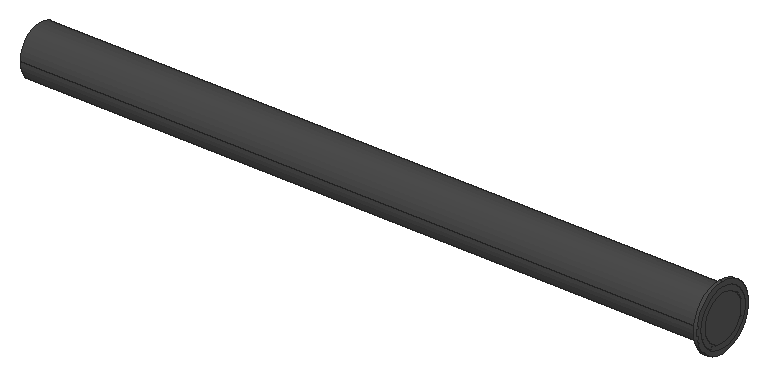
Revit family "FoFo_PF_Tubo", category Pipe Fittings, Revit 2025
Family settings
  Round Connector Dimension = Use Radius
  Part Type = Union
  OmniClass Number = 23.60.30.11.14
  OmniClass Title = Pipework Fittings
  Work Plane-Based = Yes
  Always vertical = No
  Cut with Voids When Loaded = No
  Shared = Yes
Parameters (values of type "TUPF_10_0400")
  PN = "10"
  Material_Conexao = FOFO
  Manufacturer = "SGC"
  Loss Method = 1
  K Coefficient Table = "Tee"
  Junta_1_Tipo = FoFo_FF_Junta : FLA_10_0400
  Description = "Tubo Ponta e Flange"
  Default Elevation = 0.0 mm
  DN = "400"
  Corpo_L [instance] = 6000.0 mm
  Corpo_RE1 = 0.5 * Corpo_DE  # 214.5 mm
  Corpo_DE = 429.0 mm
Reference planes
  plane 1 "EixoP": y = 0
  plane 2: z = 0
  plane 3 "EixoS": x = 468.25
  plane 4 "EE": x = -2531.75
  plane 5 "ED": x = 3468.25
Forms (mm)
  Sweep 1, solid, material "FOFO"
    path origin (0, 0, 0) x (1, 0, 0) y (0, 1, 0)
      loop
        line (-2531.75, 0) -> (3468.25, 0)
    profile origin (468.25, 0, 0) x (0, 1, 0) y (0, 0, 1)
      loop
        circle (0, 0) r 214.5
Dimensions and locks
  "Corpo_L": plane 4 "EE" to plane 5 "ED"
  equal spacing: plane 4 "EE", plane 3 "EixoS", plane 5 "ED"
  "Corpo_RE1": radius of Sweep 1 sketch curve
  aligned and locked: Sweep 1 sketch curve to plane 1 "EixoP"
  aligned and locked: plane 5 "ED" to Sweep 1 sketch curve
  aligned and locked: plane 4 "EE" to Sweep 1 sketch curve
Automatic sketch dimensions
  Sweep 1 sketch curve to level = 0.0 mm
  Sweep 1 sketch curve to profile plane = 0.0 mm
Nested families
  nested 1: "FoFo_FF_Junta" at (3468.25, 0, 0) x (0, 0, 1) z (1, 0, 0), type <- "Junta_1_Tipo", type "FLA_10_0400"
    with Furo_V 252.552 mm, Flange_RT 214.5 mm, Flange_RL 200.0 mm, Flange_RG 240.0 mm, Flange_RF 257.5 mm, Flange_RD 282.5 mm, Furo_Quant 16, Flange_MA 11.25°, Furo_H 50.236 mm, Flange_Diam_Resalto 480.0 mm, Furo_Raio 12.0 mm, Furo_Diam 24.0 mm, Flange_Diam_Livre 400.0 mm, Flange_Diam_Furacao 515.0 mm, Flange_Diam_Tubo 429.0 mm, Flange_Diam_Externo 565.0 mm, Flange_Resalto 4.0 mm, Flange_Altura 28.0 mm
Connectors
  piping at (-2531.75, 0, 0), diameter 429, driven by "Corpo_RE1"
    settings: on Sweep 1, index 2, connector inside diameter 24", connector length 0.0 mm, flow factor 0, pipe flow 0 GPM, pressure drop 0.00 psi, fitting loss kfactor 0, connector angle 0.00°, fixture units 0, engagement length 0.0 mm, angle of deflection 0.00°, flow configuration 0, flow direction 0, fitting loss method 0, system type 7, joint type 0, gender type 0, connector reference index -1, connector utility 0, adjustable connector no, is connector primary yes, connector description ""
  piping at (3468.25, 0, 0), diameter 429, driven by "Corpo_RE1"
    settings: on nested 1, index 3, connector inside diameter 24", connector length 0.0 mm, flow factor 0, pipe flow 0 GPM, pressure drop 0.00 psi, fitting loss kfactor 0, connector angle 0.00°, fixture units 0, engagement length 0.0 mm, angle of deflection 0.00°, flow configuration 0, flow direction 0, fitting loss method 0, system type 7, joint type 0, gender type 0, connector reference index -1, connector utility 0, adjustable connector no, is connector primary no, connector description ""
Definition of nested family "FoFo_FF_Junta"
  Parameters (values of type "FLA_10_0080")
    PN = "10"
    Material_Conexao = none
    Manufacturer = "SGC"
    Furo_V = Flange_RF * cos(Flange_MA)  # 73.91 mm
    Flange_RT = 0.5 * Flange_Diam_Tubo  # 49.0 mm
    Flange_RL = 0.5 * Flange_Diam_Livre  # 40.0 mm
    Flange_RG = 0.5 * Flange_Diam_Resalto  # 66.0 mm
    Flange_RF = 0.5 * Flange_Diam_Furacao  # 80.0 mm
    Flange_RD = 0.5 * Flange_Diam_Externo  # 100.0 mm
    Furo_Quant = 8
    Flange_MA = 0.5 * (360.00° / Furo_Quant)  # 22.50°
    Furo_H = Flange_RF * sin(Flange_MA)  # 30.615 mm
    Flange_Diam_Resalto = 132.0 mm
    Furo_Raio = 0.5 * Furo_Diam  # 8.0 mm
    Furo_Diam = 16.0 mm
    Flange_Diam_Livre = 80.0 mm
    Flange_Diam_Furacao = 160.0 mm
    Flange_Diam_Tubo = 98.0 mm
    Flange_Diam_Externo = 200.0 mm
    Flange_Resalto = 3.0 mm
    Flange_Altura = 19.0 mm
    Description = "Flange"
    Default Elevation = 0.0 mm
    DN = "80"
  Reference planes
    plane 1 "Centro (Frente/Trás)": y = 0
    plane 2: z = 0
    plane 3 "Centro (Esquerda/Direita)": x = 0
    plane 4: z = -3
    plane 5: z = -22
  Forms (mm)
    Extrusion 1, solid
      sketch origin (0, 0, 0) x (1, 0, 0) y (0, 1, 0)
        loop
          circle (0, 0) r 100
      from -22 to -3
    Extrusion 2, solid
      sketch origin (0, 0, 0) x (1, 0, 0) y (0, 1, 0)
        loop
          circle (0, 0) r 66
      from 0 to -3
    Extrusion 3, void
      sketch origin (0, 0, 0) x (1, 0, 0) y (0, 1, 0)
        loop
          circle (0, 0) r 40
      from 0 to -22
  Cuts and joins
    Extrusion 3 cuts Extrusion 1
    Extrusion 3 cuts Extrusion 2
    joined: Extrusion 1, Extrusion 2
  Lines and regions (mm)
    model lines
      curve 1: line (-40, 0, 0) -> (40, 0, 0)
      curve 2: line (0, 40, 0) -> (0, -40, 0)
  Dimensions and locks
    "Flange_Resalto": plane 2 to plane 4
    "Flange_Altura": plane 4 to plane 5
    "Flange_RD": radius of Extrusion 1 sketch curve
    "Flange_RG": radius of Extrusion 2 sketch curve
    "Flange_RL": radius of Extrusion 3 sketch curve
    aligned and locked: plane 2 to level
    aligned and locked: Extrusion 1 to plane 5
    aligned and locked: Extrusion 1 to Extrusion 3
    aligned and locked: cut or joined group of Extrusion 1, Extrusion 2, Extrusion 3 to plane 4
    aligned and locked: plane 4 to cut or joined group of Extrusion 1, Extrusion 2, Extrusion 3
  Automatic sketch dimensions
    plane 1 "Centro (Frente/Trás)" to curve 1 = 0.0 mm
    curve 1 to plane 3 "Centro (Esquerda/Direita)" = 40.0 mm
    plane 3 "Centro (Esquerda/Direita)" to curve 1 = 40.0 mm
    plane 1 "Centro (Frente/Trás)" to curve 2 = 40.0 mm
    curve 2 to plane 1 "Centro (Frente/Trás)" = 40.0 mm
    curve 2 to plane 3 "Centro (Esquerda/Direita)" = 0.0 mm
    plane 1 "Centro (Frente/Trás)" to Extrusion 1 sketch curve = 0.0 mm
    Extrusion 1 sketch curve to plane 3 "Centro (Esquerda/Direita)" = 0.0 mm
    plane 1 "Centro (Frente/Trás)" to Extrusion 2 sketch curve = 0.0 mm
    Extrusion 2 sketch curve to plane 3 "Centro (Esquerda/Direita)" = 0.0 mm
    plane 1 "Centro (Frente/Trás)" to Extrusion 3 sketch curve = 0.0 mm
    Extrusion 3 sketch curve to plane 3 "Centro (Esquerda/Direita)" = 0.0 mm
